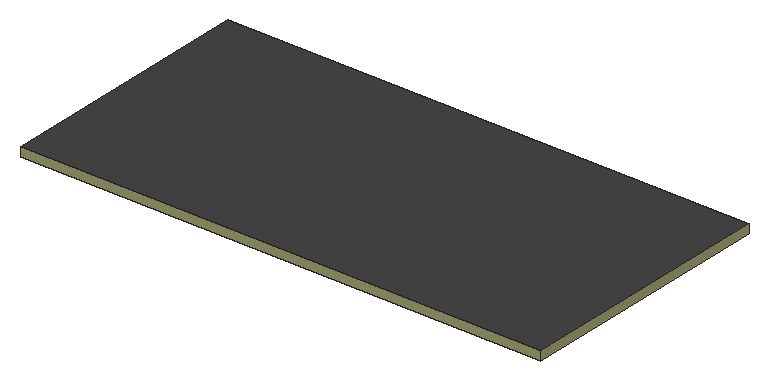
Revit family "Cineplextone (NRC0.9)  20mm thickness (with withoutcoated edge)", category Generic Models, host Face, Revit 2020
Family settings
  Host = Face
  Can host rebar = No
  Round Connector Dimension = Use Diameter
  Part Type = Normal
  Cut with Voids When Loaded = No
  Shared = No
  Room Calculation Point = No
Parameters (values of type "20mm (603mm x 1212mm)")
  Width [instance] = 603 mm
  Type of Insulation = "Glass Mineral wool slab"
  Thermal R value = 0.65
  Thermal K value = 0.0309
  Remarks = ""
  NRC = 0.9 mm
  Material Specification = ""
  Manufacturer = "PGF Insulation Sdn. Bhd."
  Insulation Thickness = 20 mm
  Length(mm) [instance] = 1212 mm
  Finish = Cineplextone
  ECOWOOL Product thickness in mm = ""
  Description = "Description DuctGuard external duct wrap, the new generation glass mineral wool insulation manufactured by PGF Insulation provides traditional sheet metal ducts with improved thermal insulation. The external glass mineral wool duct wrap has been engineered to provide the highest level of insulation performance for building occupants to achieve the optimum level of indoor comfort deserved.  \r\nECOWOOL Classic DuctGuard external duct wrap is pre-laminated with a vapour barrier facing material. .\r\n\r\nDescription DuctGuard external duct wrap, the new generation glass mineral wool insulation manufactured by PGF Insulation provides traditional sheet metal ducts with improved thermal insulation. The external glass mineral wool duct wrap has been engineered to provide the highest level of insulation performance for building occupants to achieve the optimum level of indoor comfort deserved.  \r\nECOWOOL Classic DuctGuard external duct wrap is pre-laminated with a vapour barrier facing materia\r\nDescription DuctGuard external duct wrap, the new generation glass mineral wool insulation manufactured by PGF Insulation provides traditional sheet metal ducts with improved thermal insulation. The external glass mineral wool duct wrap has been engineered to provide the highest level of insulation performance for building occupants to achieve the optimum level of indoor comfort deserved.  \r\nECOWOOL Classic DuctGuard external duct wrap is pre-laminated with a vapour barrier facing materia\r\nDescription DuctGuard external duct wrap, the new generation glass mineral wool insulation manufactured by PGF Insulation provides traditional sheet metal ducts with improved thermal insulation. The external glass mineral wool duct wrap has been engineered to provide the highest level of insulation performance for building occupants to achieve the optimum level of indoor comfort deserved.  \r\nECOWOOL Classic DuctGuard external duct wrap is pre-laminated with a vapour barrier facing materia\r\nDescription DuctGuard external duct wrap, the new generation glass mineral wool insulation manufactured by PGF Insulation provides traditional sheet metal ducts with improved thermal insulation. The external glass mineral wool duct wrap has been engineered to provide the highest level of insulation performance for building occupants to achieve the optimum level of indoor comfort deserved.  \r\nECOWOOL Classic DuctGuard external duct wrap is pre-laminated with a vapour barrier facing materia\r\nDescription DuctGuard external duct wrap, the new generation glass mineral wool insulation manufactured by PGF Insulation provides traditional sheet metal ducts with improved thermal insulation. The external glass mineral wool duct wrap has been engineered to provide the highest level of insulation performance for building occupants to achieve the optimum level of indoor comfort deserved.  \r\nECOWOOL Classic DuctGuard external duct wrap is pre-laminated with a vapour barrier facing materia\r\nDescription DuctGuard external duct wrap, the new generation glass mineral wool insulation manufactured by PGF Insulation provides traditional sheet metal ducts with improved thermal insulation. The external glass mineral wool duct wrap has been engineered to provide the highest level of insulation performance for building occupants to achieve the optimum level of indoor comfort deserved.  \r\nECOWOOL Classic DuctGuard external duct wrap is pre-laminated with a vapour barrier facing materia\r\nDescription DuctGuard external duct wrap, the new generation glass mineral wool insulation manufactured by PGF Insulation provides traditional sheet metal ducts with improved thermal insulation. The external glass mineral wool duct wrap has been engineered to provide the highest level of insulation performance for building occupants to achieve the optimum level of indoor comfort deserved.  \r\nECOWOOL Classic DuctGuard external duct wrap is pre-laminated with a vapour barrier facing materia\r\nDescription DuctGuard external duct wrap, the new generation glass mineral wool insulation manufactured by PGF Insulation provides traditional sheet metal ducts with improved thermal insulation. The external glass mineral wool duct wrap has been engineered to provide the highest level of insulation performance for building occupants to achieve the optimum level of indoor comfort deserved.  \r\nECOWOOL Classic DuctGuard external duct wrap is pre-laminated with a vapour barrier facing materia\r\nDescription DuctGuard external duct wrap, the new generation glass mineral wool insulation manufactured by PGF Insulation provides traditional sheet metal ducts with improved thermal insulation. The external glass mineral wool duct wrap has been engineered to provide the highest level of insulation performance for building occupants to achieve the optimum level of indoor comfort deserved.  \r\nECOWOOL Classic DuctGuard external duct wrap is pre-laminated with a vapour barrier facing material\r\nDescription DuctGuard external duct wrap, the new generation glass mineral wool insulation manufactured by PGF Insulation provides traditional sheet metal ducts with improved thermal insulation. The external glass mineral wool duct wrap has been engineered to provide the highest level of insulation performance for building occupants to achieve the optimum level of indoor comfort deserved.  \r\nECOWOOL Classic DuctGuard external duct wrap is pre-laminated with a vapour barrier facing material\r\nDescription DuctGuard external duct wrap, the new generation glass mineral wool insulation manufactured by PGF Insulation provides traditional sheet metal ducts with improved thermal insulation. The external glass mineral wool duct wrap has been engineered to provide the highest level of insulation performance for building occupants to achieve the optimum level of indoor comfort deserved.  \r\nECOWOOL Classic DuctGuard external duct wrap is pre-laminated with a vapour barrier facing material\r\nDescription DuctGuard external duct wrap, the new generation glass mineral wool insulation manufactured by PGF Insulation provides traditional sheet metal ducts with improved thermal insulation. The external glass mineral wool duct wrap has been engineered to provide the highest level of insulation performance for building occupants to achieve the optimum level of indoor comfort deserved.  \r\nECOWOOL Classic DuctGuard external duct wrap is pre-laminated with a vapour barrier facing material\r\nDescription DuctGuard external duct wrap, the new generation glass mineral wool insulation manufactured by PGF Insulation provides traditional sheet metal ducts with improved thermal insulation. The external glass mineral wool duct wrap has been engineered to provide the highest level of insulation performance for building occupants to achieve the optimum level of indoor comfort deserved.  \r\nECOWOOL Classic DuctGuard external duct wrap is pre-laminated with a vapour barrier facing material\r\nDescription DuctGuard external duct wrap, the new generation glass mineral wool insulation manufactured by PGF Insulation provides traditional sheet metal ducts with improved thermal insulation. The external glass mineral wool duct wrap has been engineered to provide the highest level of insulation performance for building occupants to achieve the optimum level of indoor comfort deserved.  \r\nECOWOOL Classic DuctGuard external duct wrap is pre-laminated with a vapour barrier facing material\r\nDescription DuctGuard external duct wrap, the new generation glass mineral wool insulation manufactured by PGF Insulation provides traditional sheet metal ducts with improved thermal insulation. The external glass mineral wool duct wrap has been engineered to provide the highest level of insulation performance for building occupants to achieve the optimum level of indoor comfort deserved.  \r\nECOWOOL Classic DuctGuard external duct wrap is pre-laminated with a vapour barrier facing material"
  Density = 32.00 kg/m³
  Default Elevation = 1219.2 mm
Types (3, lengths in mm): name | Width | Length(mm)
  (no name) | 603 | 1212
  20mm (603mm x 1212mm) | 603 | 1212
  20mm (595mm x 595mm) | 595 | 595
Reference planes
  plane 1 "Center (Front/Back)": y = 0
  plane 2: z = 0
  plane 3 "Center (Left/Right)": x = 0
  plane 4: x = 1212
  plane 5: y = -301.5
  plane 6: y = 301.5
Forms (mm)
  Sweep 1, solid, material "Cineplextone" <- "Finish"
    path origin (0, 0, 0) x (1, 0, 0) y (0, 1, 0)
      loop
        line (0, 0) -> (1212, 0)
    profile origin (606, 0, 0) x (0, 1, 0) y (0, 0, 1)
      loop
        line (-301.5, 20) -> (-301.5, 0) -> (301.5, 0) -> (301.5, 20) -> (-301.5, 20)
Lines and regions (mm)
  reference lines
    curve 1: line (0, 0, 0) -> (1212, 0, 0)
Dimensions and locks
  "Width": plane 5 to plane 6
  equal spacing: plane 5, plane 1 "Center (Front/Back)", plane 6
  "Length(mm)": plane 3 "Center (Left/Right)" to plane 4
  "Insulation Thickness": host face to Sweep 1 sketch curve
  aligned and locked: plane 2 to host face
  aligned and locked: level to host face
  aligned and locked: plane 3 "Center (Left/Right)" to curve 1
  aligned and locked: plane 4 to curve 1
  aligned and locked: plane 3 "Center (Left/Right)" to Sweep 1 sketch curve
  aligned and locked: plane 4 to Sweep 1 sketch curve
  aligned and locked: level to Sweep 1 sketch curve
  aligned and locked: plane 6 to Sweep 1 sketch curve
  aligned and locked: Sweep 1 sketch curve to plane 5
Automatic sketch dimensions
  host sketch curve to host sketch curve = 1616.306 mm
  host sketch curve to host sketch curve = 2438.4 mm
  plane 1 "Center (Front/Back)" to curve 1 = 0 mm
  plane 1 "Center (Front/Back)" to Sweep 1 sketch curve = 0 mm
